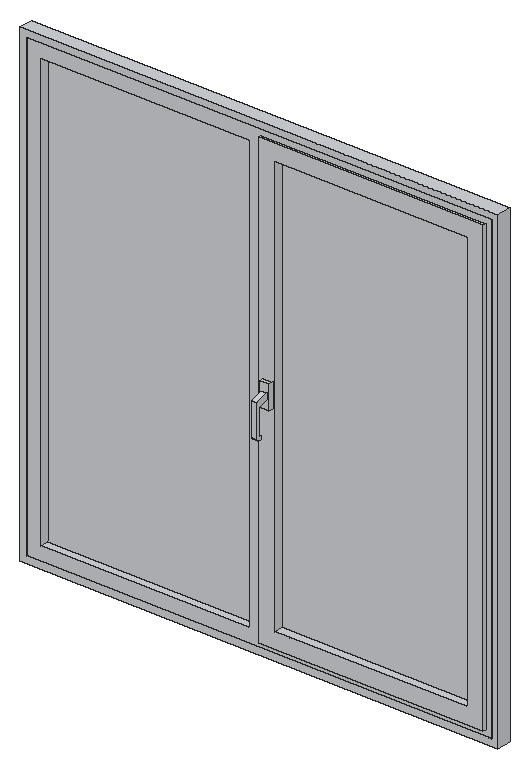
Revit family "Окно.Alumark_двустворчатое_S44", category Окна, Revit 2017 (continued)
Definition of nested family "Окна.Alumark_створка_двупольная (S44)"
  Definition of nested family "Окна.Alumark_фурнитура_поворотная двупольная (S44)"
    Reference planes
      plane 3 "По центру (Влево/Вправо)": x = 0
    Forms (mm)
      Extrusion 1, solid
        sketch origin (0, 0, 0) x (1, 0, 0) y (0, 1, 0)
          loop
            line (-115, 157.5) -> (-115, -158.53) -> (116.434, -158.53) -> (116.434, 157.5) -> (-115, 157.5)
        from 0 to -30
      Extrusion 2, solid, material <- "Материал ручки", detail levels fine
        sketch origin (0, 0, 0) x (1, 0, 0) y (0, 1, 0)
          loop
            line (-15, 37.5) -> (-15, -37.5) -> (15, -37.5) -> (15, 37.5) -> (-15, 37.5)
        from 0 to 13
      Blend 3, solid, material <- "Материал ручки", detail levels fine
        base sketch origin (0, 0, 0) x (1, 0, 0) y (0, 1, 0)
          loop
            line (-8, 10) -> (-8, -10) -> (8, -10) -> (8, 10) -> (-8, 10)
        top sketch origin (0, 0, 0) x (1, 0, 0) y (0, 1, 0)
          loop
            line (-8, -1) -> (-8, -21) -> (8, -21) -> (8, -1) -> (-8, -1)
        from 13 to 53
      Sweep 4, solid, material <- "Материал ручки", detail levels fine
        path origin (0, 0, 0) x (0, 1, 0) y (0, 0, 1)
          loop
            line (-6, 53) -> (-103.855, 53) -> (-110, 46.855) -> (-110, 38)
        profile origin (0, -54.928, 53) x (0, 0, -1) y (1, 0, 0)
          loop
            line (0, -8) -> (10, -8) -> (10, 8) -> (0, 8) -> (0, -8)
    Cuts and joins
      joined: Extrusion 2, Blend 3, Sweep 4
    Dimensions and locks
      Extrusion 2 sketch curve to plane 1 "По центру (Вперед/Назад)" to Extrusion 2 sketch curve = 37.5 mm, 37.5 mm
      aligned and locked: plane 2 to Extrusion 1
      aligned and locked: level to Extrusion 1
  Definition of nested family "Окна.Alumark_фурнитура_поворотно-откидная двупольная (S44)"
    Parameters (values of type "Окна.Alumark_фурнитура_поворотно-откидная однопольная (S44)")
      Width [instance] = 600 mm
      ТБМ_Фурн_Кол_7 [instance] = if(and(Width > 1200 mm, Height > 1200 mm), 1, 0)  # 0
      ТБМ_Фурн_Кол_6 [instance] = if(Width > 1200 mm, 1, 0)  # 0
      ТБМ_Фурн_Кол_5 [instance] = 1  # constant formula
      ТБМ_Фурн_Кол_4 [instance] = 1  # constant formula
      ТБМ_Фурн_Кол_3 [instance] = if(Height > 1200 mm, 1, 0)  # 0
      ТБМ_Фурн_Кол_2 [instance] = 1  # constant formula
      ТБМ_Фурн_Кол_1 [instance] = 1  # constant formula
      ТБМ_Фурн_Имя_7 [instance] = ""
      ТБМ_Фурн_Имя_6 [instance] = if(Width > 1200 mm, "Ножницы дополнительные", " ")  # " "
      ТБМ_Фурн_Имя_5 [instance] = if(Width > 1000 mm, "Ножницы №2", "Ножницы №1")  # "Ножницы №1"
      ТБМ_Фурн_Имя_4 [instance] = "Запорные элементы"  # constant formula
      ТБМ_Фурн_Имя_3 [instance] = if(Height > 1200 mm, "Средний прижим", "")  # ""
      ТБМ_Фурн_Имя_2 [instance] = "Петли комплект"  # constant formula
      ТБМ_Фурн_Имя_1 [instance] = "Ручка Prima"  # constant formula
      ТБМ_Фурн_Арт_7 [instance] = ""
      ТБМ_Фурн_Арт_6 [instance] = if(Width > 1200 mm, "GIE0107", " ")  # " "
      ТБМ_Фурн_Арт_5 [instance] = if(Width > 1000 mm, "GIE1342", "GIE1340")  # "GIE1340"
      ТБМ_Фурн_Арт_4 [instance] = "GIE1399"  # constant formula
      ТБМ_Фурн_Арт_3 [instance] = if(Height > 1200 mm, "GIE1341", "")  # ""
      ТБМ_Фурн_Арт_2 [instance] = "GIE1340"  # constant formula
      ТБМ_Фурн_Арт_1 [instance] = "GIE1169"  # constant formula
      ТБМ_Соответствие рекомендациям [instance] = if(or(Width > 1600 mm, Height > 2800 mm), "Размеры окна не соответствует рекомендациям компании ТБМ, требуется индивидуальный подбор", "Размеры окна соответствует рекомендациям компании ТБМ")  # "Размеры окна соответствует рекомендациям компании ТБМ"
      Default Elevation = 0 mm
      Description = "Окно Фурнитура ТБМ"
      Материал ручки [instance] = none
      Левая [instance] = yes
      Manufacturer = "ТБМ"  # constant formula
      Height [instance] = 600 mm
      Analytic Construction = "<Нет>"
      ADSK_Обозначение = ""
      ADSK_Наименование = "Комплектация поворотно-откидного окна FUTURA CLASSIC (80 кг)"  # constant formula
      ADSK_Марка [instance] = ""
    Reference planes
      plane 1 "По центру (Вперед/Назад)": y = 0
      plane 2: z = 0
      plane 3 "По центру (Влево/Вправо)": x = 0
    Forms (mm)
      Extrusion 1, solid
        sketch origin (0, 0, 0) x (1, 0, 0) y (0, 1, 0)
          loop
            line (-115, 157.5) -> (-115, -158.53) -> (116.434, -158.53) -> (116.434, 157.5) -> (-115, 157.5)
        from 0 to -30
      Extrusion 2, solid, material <- "Материал ручки", detail levels fine
        sketch origin (0, 0, 0) x (1, 0, 0) y (0, 1, 0)
          loop
            line (-15, 37.5) -> (-15, -37.5) -> (15, -37.5) -> (15, 37.5) -> (-15, 37.5)
        from 0 to 13
      Blend 3, solid, material <- "Материал ручки", detail levels fine
        base sketch origin (0, 0, 0) x (1, 0, 0) y (0, 1, 0)
          loop
            line (-8, 10) -> (-8, -10) -> (8, -10) -> (8, 10) -> (-8, 10)
        top sketch origin (0, 0, 0) x (1, 0, 0) y (0, 1, 0)
          loop
            line (-8, -1) -> (-8, -21) -> (8, -21) -> (8, -1) -> (-8, -1)
        from 13 to 53
      Sweep 4, solid, material <- "Материал ручки", detail levels fine
        path origin (0, 0, 0) x (0, 1, 0) y (0, 0, 1)
          loop
            line (-6, 53) -> (-103.855, 53) -> (-110, 46.855) -> (-110, 38)
        profile origin (0, -54.928, 53) x (0, 0, -1) y (1, 0, 0)
          loop
            line (0, -8) -> (10, -8) -> (10, 8) -> (0, 8) -> (0, -8)
    Cuts and joins
      joined: Extrusion 2, Blend 3, Sweep 4
    Dimensions and locks
      Extrusion 2 sketch curve to plane 1 "По центру (Вперед/Назад)" to Extrusion 2 sketch curve = 37.5 mm, 37.5 mm
      aligned and locked: plane 2 to Extrusion 1
      aligned and locked: level to Extrusion 1
Definition of nested family "Окна.Alumark_подоконник"
  Parameters (values of type "ПВХ")
    выступ_подоконника_размер [instance] = if(ADSK_Размер_Глубина > 30 mm, выступ_подоконника, 0 mm)  # 50 mm
    выступ_подоконника [instance] = 50 mm
    Width [instance] = 1500 mm
    ПВХ = yes
    Description = "Окно Подоконник"
    Материал подоконника [instance] = none
    Камень = no
    Manufacturer = ""
    Дерево = no
    Model = "Подоконник ПВХ"
    Type Comments = ""
    Assembly Code = ""
    Height = 20 mm
    Analytic Construction = "<Нет>"
    ADSK_Размер_Глубина [instance] = 600 mm
    ADSK_Обозначение = ""
    ADSK_Наименование = "Подоконник ПВХ"
    ADSK_Марка [instance] = ""
  Types (3, lengths in mm): name | ПВХ | Камень | Дерево | Model | ADSK_Наименование
    ПВХ | yes | no | no | "Подоконник ПВХ" | "Подоконник ПВХ"
    Дерево | no | no | yes | "Подоконник деревянный" | "Подоконник деревянный"
    Камень | no | yes | no | "Подоконник каменный" | "Подоконник каменный"
  Reference planes
    plane 1 "Назад": y = 0
    plane 2: z = 0
    plane 3 "По центру (Влево/Вправо)": x = 0
    plane 4: y = -600
    plane 5 "Верх": z = 20
    plane 6: x = -750
    plane 7: x = 750
    plane 8: y = -550
  Forms (mm)
    Extrusion 1, solid, material <- "Материал подоконника", visible <- "ПВХ", detail levels fine
      sketch origin (-725, 1233.894, 1200) x (0, 1, 0) y (0, 0, 1)
        loop
          line (-1233.894, -1180) -> (-1833.894, -1180) -> (-1833.894, -1220) -> (-1823.894, -1220) -> (-1823.894, -1200) -> (-1233.894, -1200) -> (-1233.894, -1180)
      from -25 to 1475
    Extrusion 2, solid, material <- "Материал подоконника", visible <- "Дерево", detail levels fine
      sketch origin (-725, 1233.894, 1400) x (0, 1, 0) y (0, 0, 1)
        loop
          line (-1233.894, -1380) -> (-1813.894, -1380)
          arc (-1813.894, -1380) -> (-1828.036, -1385.858) -> (-1833.894, -1400) r 20
          line (-1833.894, -1400) -> (-1833.894, -1420) -> (-1813.894, -1420) -> (-1813.894, -1400) -> (-1233.894, -1400) -> (-1233.894, -1380)
      from -25 to 1475
    Extrusion 3, solid, material <- "Материал подоконника", visible <- "Камень", detail levels fine
      sketch origin (-725, 1233.894, 1580) x (0, 1, 0) y (0, 0, 1)
        loop
          line (-1233.894, -1560) -> (-1818.894, -1560) -> (-1818.894, -1565)
          arc (-1818.894, -1565) -> (-1825.965, -1567.929) -> (-1828.894, -1575) r 10
          line (-1828.894, -1575) -> (-1833.894, -1575) -> (-1833.894, -1600) -> (-1813.894, -1600) -> (-1813.894, -1580) -> (-1233.894, -1580) -> (-1233.894, -1560)
      from -25 to 1475
  Lines and regions (mm)
    Masking region 1, detail levels fine
      outline origin (0, 0, 0) x (1, 0, 0) y (0, 1, 0)
        loop
          line (-750, 0) -> (-750, -600) -> (750, -600) -> (750, 0) -> (-750, 0)
    Masking region 2, detail levels medium
      outline origin (0, 0, 0) x (1, 0, 0) y (0, 1, 0)
        loop
          line (-750, 0) -> (-750, -550) -> (750, -550) -> (750, 0) -> (-750, 0)
  Dimensions and locks
    "ADSK_Размер_Глубина": plane 4 to plane 1 "Назад"
    "Height": plane 5 "Верх" to plane 2
    locked: plane 2 to Extrusion 1 sketch curve at 20
    equal spacing: plane 6, plane 3 "По центру (Влево/Вправо)", plane 7
    locked: Extrusion 1 sketch curve to plane 4 at 10
    locked: plane 2 to Extrusion 2 sketch curve at 20
    locked: Extrusion 2 sketch curve to plane 4 at 20
    locked: plane 2 to Extrusion 3 sketch curve at 20
    locked: Extrusion 3 sketch curve to plane 4 at 20
    locked: plane 5 "Верх" to Extrusion 3 sketch curve at 15
    locked: Extrusion 3 sketch curve to plane 4 at 15
    "Width": plane 6 to plane 7
    "выступ_подоконника_размер": plane 8 to plane 4
    aligned and locked: level to plane 2
    aligned and locked: Extrusion 1 sketch curve to plane 5 "Верх"
    aligned and locked: level to Extrusion 1 sketch curve
    aligned and locked: plane 1 "Назад" to Extrusion 1 sketch curve
    aligned and locked: plane 4 to Extrusion 1 sketch curve
    aligned and locked: plane 4 to Masking region 1 sketch curve
    aligned and locked: plane 1 "Назад" to Masking region 1 sketch curve
    aligned and locked: plane 1 "Назад" to Masking region 2 sketch curve
    aligned and locked: plane 6 to Masking region 2 sketch curve
    aligned and locked: Masking region 2 sketch curve to plane 7
    aligned and locked: Masking region 1 sketch curve to plane 7
    aligned and locked: plane 6 to Masking region 1 sketch curve
    aligned and locked: Extrusion 1 to plane 6
    aligned and locked: plane 7 to Extrusion 1
    aligned and locked: Extrusion 2 sketch curve to plane 1 "Назад"
    aligned and locked: Extrusion 2 sketch curve to plane 5 "Верх"
    aligned and locked: Extrusion 2 sketch curve to plane 2
    aligned and locked: Extrusion 2 sketch curve to plane 4
    aligned and locked: Extrusion 2 sketch curve to Extrusion 2 sketch curve
    aligned and locked: plane 2 to Extrusion 2 sketch curve
    aligned and locked: Extrusion 3 sketch curve to plane 1 "Назад"
    aligned and locked: Extrusion 3 sketch curve to plane 4
    aligned and locked: Extrusion 3 sketch curve to plane 2
    aligned and locked: Extrusion 3 sketch curve to plane 5 "Верх"
    aligned and locked: Extrusion 3 sketch curve to Extrusion 3 sketch curve  (x2)
    aligned and locked: Extrusion 3 to plane 6
    aligned and locked: Extrusion 2 to plane 6
    aligned and locked: plane 7 to Extrusion 3
    aligned and locked: plane 7 to Extrusion 2
    aligned and locked: plane 8 to Masking region 2 sketch curve
  Automatic sketch dimensions
    plane 4 to Extrusion 3 sketch curve = 5 mm
Definition of nested family "Окна.Alumark_фурнитура_поворотно-откидная двупольная (S44)"
  Parameters (values of type "Окна.Alumark_фурнитура_поворотно-откидная однопольная (S44)")
    Width [instance] = 600 mm
    ТБМ_Фурн_Кол_7 [instance] = if(and(Width > 1200 mm, Height > 1200 mm), 1, 0)  # 0
    ТБМ_Фурн_Кол_6 [instance] = if(Width > 1200 mm, 1, 0)  # 0
    ТБМ_Фурн_Кол_5 [instance] = 1  # constant formula
    ТБМ_Фурн_Кол_4 [instance] = 1  # constant formula
    ТБМ_Фурн_Кол_3 [instance] = if(Height > 1200 mm, 1, 0)  # 0
    ТБМ_Фурн_Кол_2 [instance] = 1  # constant formula
    ТБМ_Фурн_Кол_1 [instance] = 1  # constant formula
    ТБМ_Фурн_Имя_7 [instance] = ""
    ТБМ_Фурн_Имя_6 [instance] = if(Width > 1200 mm, "Ножницы дополнительные", " ")  # " "
    ТБМ_Фурн_Имя_5 [instance] = if(Width > 1000 mm, "Ножницы №2", "Ножницы №1")  # "Ножницы №1"
    ТБМ_Фурн_Имя_4 [instance] = "Запорные элементы"  # constant formula
    ТБМ_Фурн_Имя_3 [instance] = if(Height > 1200 mm, "Средний прижим", "")  # ""
    ТБМ_Фурн_Имя_2 [instance] = "Петли комплект"  # constant formula
    ТБМ_Фурн_Имя_1 [instance] = "Ручка Prima"  # constant formula
    ТБМ_Фурн_Арт_7 [instance] = ""
    ТБМ_Фурн_Арт_6 [instance] = if(Width > 1200 mm, "GIE0107", " ")  # " "
    ТБМ_Фурн_Арт_5 [instance] = if(Width > 1000 mm, "GIE1342", "GIE1340")  # "GIE1340"
    ТБМ_Фурн_Арт_4 [instance] = "GIE1399"  # constant formula
    ТБМ_Фурн_Арт_3 [instance] = if(Height > 1200 mm, "GIE1341", "")  # ""
    ТБМ_Фурн_Арт_2 [instance] = "GIE1340"  # constant formula
    ТБМ_Фурн_Арт_1 [instance] = "GIE1169"  # constant formula
    ТБМ_Соответствие рекомендациям [instance] = if(or(Width > 1600 mm, Height > 2800 mm), "Размеры окна не соответствует рекомендациям компании ТБМ, требуется индивидуальный подбор", "Размеры окна соответствует рекомендациям компании ТБМ")  # "Размеры окна соответствует рекомендациям компании ТБМ"
    Default Elevation = 0 mm
    Description = "Окно Фурнитура ТБМ"
    Материал ручки [instance] = none
    Левая [instance] = yes
    Manufacturer = "ТБМ"  # constant formula
    Height [instance] = 600 mm
    Analytic Construction = "<Нет>"
    ADSK_Обозначение = ""
    ADSK_Наименование = "Комплектация поворотно-откидного окна FUTURA CLASSIC (80 кг)"  # constant formula
    ADSK_Марка [instance] = ""
  Reference planes
    plane 1 "По центру (Вперед/Назад)": y = 0
    plane 2: z = 0
    plane 3 "По центру (Влево/Вправо)": x = 0
  Forms (mm)
    Extrusion 1, solid
      sketch origin (0, 0, 0) x (1, 0, 0) y (0, 1, 0)
        loop
          line (-115, 157.5) -> (-115, -158.53) -> (116.434, -158.53) -> (116.434, 157.5) -> (-115, 157.5)
      from 0 to -30
    Extrusion 2, solid, material <- "Материал ручки", detail levels fine
      sketch origin (0, 0, 0) x (1, 0, 0) y (0, 1, 0)
        loop
          line (-15, 37.5) -> (-15, -37.5) -> (15, -37.5) -> (15, 37.5) -> (-15, 37.5)
      from 0 to 13
    Blend 3, solid, material <- "Материал ручки", detail levels fine
      base sketch origin (0, 0, 0) x (1, 0, 0) y (0, 1, 0)
        loop
          line (-8, 10) -> (-8, -10) -> (8, -10) -> (8, 10) -> (-8, 10)
      top sketch origin (0, 0, 0) x (1, 0, 0) y (0, 1, 0)
        loop
          line (-8, -1) -> (-8, -21) -> (8, -21) -> (8, -1) -> (-8, -1)
      from 13 to 53
    Sweep 4, solid, material <- "Материал ручки", detail levels fine
      path origin (0, 0, 0) x (0, 1, 0) y (0, 0, 1)
        loop
          line (-6, 53) -> (-103.855, 53) -> (-110, 46.855) -> (-110, 38)
      profile origin (0, -54.928, 53) x (0, 0, -1) y (1, 0, 0)
        loop
          line (0, -8) -> (10, -8) -> (10, 8) -> (0, 8) -> (0, -8)
  Cuts and joins
    joined: Extrusion 2, Blend 3, Sweep 4
  Dimensions and locks
    Extrusion 2 sketch curve to plane 1 "По центру (Вперед/Назад)" to Extrusion 2 sketch curve = 37.5 mm, 37.5 mm
    aligned and locked: plane 2 to Extrusion 1
    aligned and locked: level to Extrusion 1
Types (3, lengths in mm): name | профиль_створка_справа_длина | ТБМ_Стеклопакет_Ширина 1 | ТБМ_Стеклопакет_Высота 1 | ТБМ_Расход_Клей | ТБМ_Площадь стеклопакета | ТБМ_Количество_Уголок жесткости | ТБМ_Количество_Уголок выравнивающий | ТБМ_Количество_Угловой соединитель створки | ТБМ_Количество_Распорный штифт | ТБМ_Длина_Штапик | ТБМ_Длина_Уплотнитель притвора | ТБМ_Длина_Уплотнитель наружный | ТБМ_Длина_Уплотнитель внутренний | ТБМ_Длина_Створка | ТБМ_Длина_Отлив | ТБМ_Артикул_Уплотнитель притвора | ТБМ_Артикул_Уголок жесткости | ТБМ_Артикул_Угловой соединитель створки | ТБМ_Артикул_Створка | ТБМ_Артикул_Отлив | Ширина створки справа | Створка справа | номер профиля | ADSK_Наименование | #_створки
  (no name) | 4220 | 596 | 1326 | 96 | 1.71591 m² | 4 | 8 | 4 | 32 | 8048 | 4220 | 10060 | 10060 | 4220 | 616 | "ALM770001" | "ALM744501" | "ALM420011" | "ALM244201" | "ALM460035-1.07" | 600 | Окна.Alumark_створка_двупольная (S44) : Правая-откидная | 1010101 | "ОАК (Профиль рамы 44/26 мм. Профиль створки 32/43 мм) СПО (Обычный стеклопакет 16 мм)" | 10000
  1460х1460 (правое-откидное) | 4220 | 596 | 1326 | 96 | 1.71591 m² | 4 | 8 | 4 | 32 | 8048 | 4220 | 10060 | 10060 | 4220 | 616 | "ALM770001" | "ALM744501" | "ALM420011" | "ALM244201" | "ALM460035-1.07" | 600 | Окна.Alumark_створка_двупольная (S44) : Правая-откидная | 1010101 | "ОАК (Профиль рамы 44/26 мм. Профиль створки 32/43 мм) СПО (Обычный стеклопакет 16 мм)" | 10000
  1460х1460 (глухое) | 0 | 664 | 1394 | 28 | 1.85123 m² | 0 | 4 | 0 | 16 | 8344 | 0 | 11680 | 11680 | 0 | 0 | "" | "" | "" | "" | "" | 0 | Окна.Alumark_створка_двупольная (S44) : Глухая | 1000101 | "ОАК (Профиль рамы 44/26 мм) СПО (Обычный стеклопакет 16 мм)" | 0
